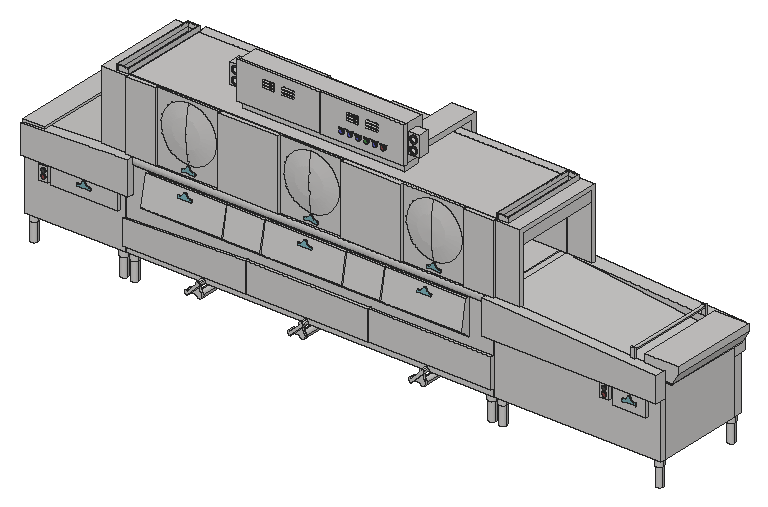
Revit family (continued)
Forms (in)
  Extrusion 135, solid, material "QF_Finishes_Stainless Steel"
    sketch origin (23.48619, -20.25, 0) x (1, 0, 0) y (0, 0, 1)
      loop
        circle (21.23519, 7) r 1
      loop
        circle (21.23519, 7) r 1.125
    from 0 to 21.5
  Extrusion 136, solid, material "QF_Finishes_Stainless Steel"
    sketch origin (7.21533, -42, -3.41935) x (0.707107, 0, 0.707107) y (-0.707107, 0, 0.707107)
      loop
        arc (6.61019, 7) -> (7.73519, 5.875) -> (8.86019, 7) r 1.125
        arc (8.86019, 7) -> (9.29112, 8.22931) -> (10.48519, 8.75) r 1.62946
        line (10.48519, 8.75) -> (4.98519, 8.75)
        arc (4.98519, 8.75) -> (6.17925, 8.22931) -> (6.61019, 7) r 1.62946
    from -0.25 to 0.25
  Extrusion 137, solid, material "QF_Finishes_Stainless Steel"
    sketch origin (44.20152, -42, -3.41935) x (0.707107, 0, 0.707107) y (-0.707107, 0, 0.707107)
      loop
        line (4.73519, 8.75) -> (10.73519, 8.75)
        arc (10.73519, 8.75) -> (11.08874, 8.89645) -> (11.23519, 9.25) r 0.5
        line (11.23519, 9.25) -> (11.23519, 9.75)
        arc (11.23519, 9.75) -> (11.08874, 10.10355) -> (10.73519, 10.25) r 0.5
        line (10.73519, 10.25) -> (10.23519, 10.25)
        arc (10.23519, 10.25) -> (10.05841, 10.17678) -> (9.98519, 10) r 0.25
        line (9.98519, 10) -> (9.98519, 9.75) -> (5.48519, 9.75) -> (5.48519, 10)
        arc (5.48519, 10) -> (5.41196, 10.17678) -> (5.23519, 10.25) r 0.25
        line (5.23519, 10.25) -> (4.73519, 10.25)
        arc (4.73519, 10.25) -> (4.38163, 10.10355) -> (4.23519, 9.75) r 0.5
        line (4.23519, 9.75) -> (4.23519, 9.25)
        arc (4.23519, 9.25) -> (4.38163, 8.89645) -> (4.73519, 8.75) r 0.5
    from -1 to 1
  Extrusion 138, solid, material "QF_Finishes_Stainless Steel"
    sketch origin (44.20152, -42, -3.41935) x (0.707107, 0, 0.707107) y (-0.707107, 0, 0.707107)
      loop
        arc (6.61019, 7) -> (7.73519, 5.875) -> (8.86019, 7) r 1.125
        arc (8.86019, 7) -> (9.29112, 8.22931) -> (10.48519, 8.75) r 1.62946
        line (10.48519, 8.75) -> (4.98519, 8.75)
        arc (4.98519, 8.75) -> (6.17925, 8.22931) -> (6.61019, 7) r 1.62946
    from -0.25 to 0.25
  Extrusion 139, solid, material "QF_Finishes_Stainless Steel"
    sketch origin (73.25, -20.25, 0) x (1, 0, 0) y (0, 0, 1)
      loop
        circle (14.73519, 7) r 1
      loop
        circle (14.73519, 7) r 1.125
    from 0 to 21.5
  Extrusion 140, solid, material "QF_Finishes_Stainless Steel"
    sketch origin (87.46533, -42, -3.41935) x (0.707107, 0, 0.707107) y (-0.707107, 0, 0.707107)
      loop
        line (4.73519, 8.75) -> (10.73519, 8.75)
        arc (10.73519, 8.75) -> (11.08874, 8.89645) -> (11.23519, 9.25) r 0.5
        line (11.23519, 9.25) -> (11.23519, 9.75)
        arc (11.23519, 9.75) -> (11.08874, 10.10355) -> (10.73519, 10.25) r 0.5
        line (10.73519, 10.25) -> (10.23519, 10.25)
        arc (10.23519, 10.25) -> (10.05841, 10.17678) -> (9.98519, 10) r 0.25
        line (9.98519, 10) -> (9.98519, 9.75) -> (5.48519, 9.75) -> (5.48519, 10)
        arc (5.48519, 10) -> (5.41196, 10.17678) -> (5.23519, 10.25) r 0.25
        line (5.23519, 10.25) -> (4.73519, 10.25)
        arc (4.73519, 10.25) -> (4.38163, 10.10355) -> (4.23519, 9.75) r 0.5
        line (4.23519, 9.75) -> (4.23519, 9.25)
        arc (4.23519, 9.25) -> (4.38163, 8.89645) -> (4.73519, 8.75) r 0.5
    from -1 to 1
  Extrusion 141, solid, material "QF_Finishes_Stainless Steel"
    sketch origin (87.46533, -42, -3.41935) x (0.707107, 0, 0.707107) y (-0.707107, 0, 0.707107)
      loop
        arc (6.61019, 7) -> (7.73519, 5.875) -> (8.86019, 7) r 1.125
        arc (8.86019, 7) -> (9.29112, 8.22931) -> (10.48519, 8.75) r 1.62946
        line (10.48519, 8.75) -> (4.98519, 8.75)
        arc (4.98519, 8.75) -> (6.17925, 8.22931) -> (6.61019, 7) r 1.62946
    from -0.25 to 0.25
  Extrusion 142, solid, material "QF_Finishes_Stainless Steel"
    sketch origin (7.21533, -42, -3.41935) x (0.707107, 0, 0.707107) y (-0.707107, 0, 0.707107)
      loop
        line (4.73519, 8.75) -> (10.73519, 8.75)
        arc (10.73519, 8.75) -> (11.08874, 8.89645) -> (11.23519, 9.25) r 0.5
        line (11.23519, 9.25) -> (11.23519, 9.75)
        arc (11.23519, 9.75) -> (11.08874, 10.10355) -> (10.73519, 10.25) r 0.5
        line (10.73519, 10.25) -> (10.23519, 10.25)
        arc (10.23519, 10.25) -> (10.05841, 10.17678) -> (9.98519, 10) r 0.25
        line (9.98519, 10) -> (9.98519, 9.75) -> (5.48519, 9.75) -> (5.48519, 10)
        arc (5.48519, 10) -> (5.41196, 10.17678) -> (5.23519, 10.25) r 0.25
        line (5.23519, 10.25) -> (4.73519, 10.25)
        arc (4.73519, 10.25) -> (4.38163, 10.10355) -> (4.23519, 9.75) r 0.5
        line (4.23519, 9.75) -> (4.23519, 9.25)
        arc (4.23519, 9.25) -> (4.38163, 8.89645) -> (4.73519, 8.75) r 0.5
    from -1 to 1
  Extrusion 143, solid, material "QF_Finishes_Black", not visible
    sketch origin (0, -32.25, 0) x (1, 0, 0) y (0, 0, 1)
      loop
        circle (6.84638, 76.75) r 1.25
      loop
        circle (6.84638, 76.75) r 1
    from 0 to 0.25
  Extrusion 144, solid, material "QF_Finishes_White", not visible
    sketch origin (0, -32.25, 0) x (1, 0, 0) y (0, 0, 1)
      loop
        circle (6.84638, 76.75) r 1
    from 0 to 0.0625
  Extrusion 145, solid, material "QF_Finishes_Black", not visible
    sketch origin (33.66291, -34, -18.39967) x (1, 0, 0) y (0, 0, 1)
      loop
        line (19.62096, 91.02467) -> (17.62096, 91.02467) -> (17.62096, 90.77467) -> (19.62096, 90.77467) -> (19.62096, 91.02467)
      loop
        line (16.62096, 91.02467) -> (14.62096, 91.02467) -> (14.62096, 90.77467) -> (16.62096, 90.77467) -> (16.62096, 91.02467)
      loop
        line (20.62096, 91.02467) -> (20.62096, 90.77467) -> (22.62096, 90.77467) -> (22.62096, 91.02467) -> (20.62096, 91.02467)
      loop
        line (23.62096, 91.02467) -> (23.62096, 90.77467) -> (25.62096, 90.77467) -> (25.62096, 91.02467) -> (23.62096, 91.02467)
      loop
        line (13.62096, 91.02467) -> (11.62096, 91.02467) -> (11.62096, 90.77467) -> (13.62096, 90.77467) -> (13.62096, 91.02467)
      loop
        line (26.62096, 91.02467) -> (26.62096, 90.77467) -> (28.62096, 90.77467) -> (28.62096, 91.02467) -> (26.62096, 91.02467)
    from 0 to 0.25
  Extrusion 146, solid, material "QF_Finishes_Navy Blue", not visible
    sketch origin (34.03783, -34, -18.39967) x (1, 0, 0) y (0, 0, 1)
      loop
        circle (15.24605, 89.89967) r 0.625
    from 0.125 to 0.375
  Extrusion 147, solid, material "QF_Finishes_Navy Blue", not visible
    sketch origin (34.03783, -34, -18.39967) x (1, 0, 0) y (0, 0, 1)
      loop
        circle (18.24605, 89.89967) r 0.625
    from 0.125 to 0.375
  Extrusion 148, solid, material "QF_Finishes_LED Green", not visible
    sketch origin (34.03783, -34, -18.39967) x (1, 0, 0) y (0, 0, 1)
      loop
        circle (21.24605, 89.89967) r 0.625
    from 0.125 to 0.375
  Extrusion 149, solid, material "QF_Finishes_Navy Blue", not visible
    sketch origin (34.03783, -34, -18.39967) x (1, 0, 0) y (0, 0, 1)
      loop
        circle (24.24605, 89.89967) r 0.625
    from 0.125 to 0.375
  Extrusion 150, solid, material "QF_Finishes_Black", not visible
    sketch origin (34.03783, -34, -18.39967) x (1, 0, 0) y (0, 0, 1)
      loop
        line (15.99605, 89.89967) -> (15.99605, 90.77467) -> (14.49605, 90.77467) -> (14.49605, 89.89967)
        arc (14.49605, 89.89967) -> (15.24605, 89.14967) -> (15.99605, 89.89967) r 0.75
      loop
        line (18.99605, 89.89967) -> (18.99605, 90.77467) -> (17.49605, 90.77467) -> (17.49605, 89.89967)
        arc (17.49605, 89.89967) -> (18.24605, 89.14967) -> (18.99605, 89.89967) r 0.75
      loop
        line (21.99605, 89.89967) -> (21.99605, 90.77467) -> (20.49605, 90.77467) -> (20.49605, 89.89967)
        arc (20.49605, 89.89967) -> (21.24605, 89.14967) -> (21.99605, 89.89967) r 0.75
      loop
        line (24.99605, 89.89967) -> (24.99605, 90.77467) -> (23.49605, 90.77467) -> (23.49605, 89.89967)
        arc (23.49605, 89.89967) -> (24.24605, 89.14967) -> (24.99605, 89.89967) r 0.75
      loop
        line (12.99605, 89.89967) -> (12.99605, 90.77467) -> (11.49605, 90.77467) -> (11.49605, 89.89967)
        arc (11.49605, 89.89967) -> (12.24605, 89.14967) -> (12.99605, 89.89967) r 0.75
      loop
        line (27.99605, 89.89967) -> (27.99605, 90.77467) -> (26.49605, 90.77467) -> (26.49605, 89.89967)
        arc (26.49605, 89.89967) -> (27.24605, 89.14967) -> (27.99605, 89.89967) r 0.75
    from 0 to 0.125
  Extrusion 151, solid, material "QF_Finishes_Black", not visible
    sketch origin (0, -32.25, -3.5) x (1, 0, 0) y (0, 0, 1)
      loop
        circle (6.84638, 76.75) r 1.25
      loop
        circle (6.84638, 76.75) r 1
    from 0 to 0.25
  Extrusion 152, solid, material "QF_Finishes_White", not visible
    sketch origin (0, -32.25, -3.5) x (1, 0, 0) y (0, 0, 1)
      loop
        circle (6.84638, 76.75) r 1
    from 0 to 0.0625
  Extrusion 153, solid, material "QF_Finishes_Black", not visible
    sketch origin (63.875, -32.25, 0) x (1, 0, 0) y (0, 0, 1)
      loop
        circle (6.84638, 76.75) r 1.25
      loop
        circle (6.84638, 76.75) r 1
    from 0 to 0.25
  Extrusion 154, solid, material "QF_Finishes_White", not visible
    sketch origin (63.875, -32.25, 0) x (1, 0, 0) y (0, 0, 1)
      loop
        circle (6.84638, 76.75) r 1
    from 0 to 0.0625
  Extrusion 155, solid, material "QF_Finishes_Black", not visible
    sketch origin (63.875, -32.25, -3.5) x (1, 0, 0) y (0, 0, 1)
      loop
        circle (6.84638, 76.75) r 1.25
      loop
        circle (6.84638, 76.75) r 1
    from 0 to 0.25
  Extrusion 156, solid, material "QF_Finishes_White", not visible
    sketch origin (63.875, -32.25, -3.5) x (1, 0, 0) y (0, 0, 1)
      loop
        circle (6.84638, 76.75) r 1
    from 0 to 0.0625
  Extrusion 157, solid, material "QF_Finishes_Navy Blue", not visible
    sketch origin (31.03783, -34, -18.39967) x (1, 0, 0) y (0, 0, 1)
      loop
        circle (15.24605, 89.89967) r 0.625
    from 0.125 to 0.375
  Extrusion 158, solid, material "QF_Finishes_LED Red", not visible
    sketch origin (46.03783, -34, -18.39967) x (1, 0, 0) y (0, 0, 1)
      loop
        circle (15.24605, 89.89967) r 0.625
    from 0.125 to 0.375
  Extrusion 159, solid, material "QF_Finishes_Stainless Steel", not visible
    sketch origin (0, -73.14175, 10.44389) x (1, 0, 0) y (0, 0.5, 0.866025)
      loop
        line (48.28388, 77.875) -> (52.28388, 77.875)
        arc (52.28388, 77.875) -> (52.10082, 78.31694) -> (51.65888, 78.5) r 0.625
        line (51.65888, 78.5) -> (48.90888, 78.5)
        arc (48.90888, 78.5) -> (48.46693, 78.31694) -> (48.28388, 77.875) r 0.625
    from 0 to 0.125
  Extrusion 160, solid, material "QF_Finishes_Stainless Steel", not visible
    sketch origin (0, -73.14175, 9.44389) x (1, 0, 0) y (0, 0.5, 0.866025)
      loop
        line (48.28388, 77.875) -> (52.28388, 77.875)
        arc (52.28388, 77.875) -> (52.10082, 78.31694) -> (51.65888, 78.5) r 0.625
        line (51.65888, 78.5) -> (48.90888, 78.5)
        arc (48.90888, 78.5) -> (48.46693, 78.31694) -> (48.28388, 77.875) r 0.625
    from 0 to 0.125
  Extrusion 161, solid, material "QF_Finishes_Stainless Steel", not visible
    sketch origin (0, -73.14175, 8.44389) x (1, 0, 0) y (0, 0.5, 0.866025)
      loop
        line (48.28388, 77.875) -> (52.28388, 77.875)
        arc (52.28388, 77.875) -> (52.10082, 78.31694) -> (51.65888, 78.5) r 0.625
        line (51.65888, 78.5) -> (48.90888, 78.5)
        arc (48.90888, 78.5) -> (48.46693, 78.31694) -> (48.28388, 77.875) r 0.625
    from 0 to 0.125
  Extrusion 162, solid, material "QF_Finishes_Stainless Steel", not visible
    sketch origin (107.56775, -73.14175, 10.44389) x (-1, 0, 0) y (0, -0.5, -0.866025)
      loop
        arc (48.28388, -77.875) -> (48.46693, -78.31694) -> (48.90888, -78.5) r 0.625
        line (48.90888, -78.5) -> (51.65888, -78.5)
        arc (51.65888, -78.5) -> (52.10082, -78.31694) -> (52.28388, -77.875) r 0.625
        line (52.28388, -77.875) -> (48.28388, -77.875)
    from 0 to 0.125
  Extrusion 163, solid, material "QF_Finishes_Stainless Steel", not visible
    sketch origin (107.56775, -73.14175, 9.44389) x (-1, 0, 0) y (0, -0.5, -0.866025)
      loop
        arc (48.28388, -77.875) -> (48.46693, -78.31694) -> (48.90888, -78.5) r 0.625
        line (48.90888, -78.5) -> (51.65888, -78.5)
        arc (51.65888, -78.5) -> (52.10082, -78.31694) -> (52.28388, -77.875) r 0.625
        line (52.28388, -77.875) -> (48.28388, -77.875)
    from 0 to 0.125
  Extrusion 164, solid, material "QF_Finishes_Stainless Steel", not visible
    sketch origin (107.56775, -73.14175, 8.44389) x (-1, 0, 0) y (0, -0.5, -0.866025)
      loop
        arc (48.28388, -77.875) -> (48.46693, -78.31694) -> (48.90888, -78.5) r 0.625
        line (48.90888, -78.5) -> (51.65888, -78.5)
        arc (51.65888, -78.5) -> (52.10082, -78.31694) -> (52.28388, -77.875) r 0.625
        line (52.28388, -77.875) -> (48.28388, -77.875)
    from 0 to 0.125
  Extrusion 165, solid, material "QF_Finishes_Stainless Steel", not visible
    sketch origin (-30.125, -73.14175, 10.44389) x (1, 0, 0) y (0, 0.5, 0.866025)
      loop
        line (48.28388, 77.875) -> (52.28388, 77.875)
        arc (52.28388, 77.875) -> (52.10082, 78.31694) -> (51.65888, 78.5) r 0.625
        line (51.65888, 78.5) -> (48.90888, 78.5)
        arc (48.90888, 78.5) -> (48.46693, 78.31694) -> (48.28388, 77.875) r 0.625
    from 0 to 0.125
  Extrusion 166, solid, material "QF_Finishes_Stainless Steel", not visible
    sketch origin (-30.125, -73.14175, 9.44389) x (1, 0, 0) y (0, 0.5, 0.866025)
      loop
        line (48.28388, 77.875) -> (52.28388, 77.875)
        arc (52.28388, 77.875) -> (52.10082, 78.31694) -> (51.65888, 78.5) r 0.625
        line (51.65888, 78.5) -> (48.90888, 78.5)
        arc (48.90888, 78.5) -> (48.46693, 78.31694) -> (48.28388, 77.875) r 0.625
    from 0 to 0.125
  Extrusion 167, solid, material "QF_Finishes_Stainless Steel", not visible
    sketch origin (-30.125, -73.14175, 8.44389) x (1, 0, 0) y (0, 0.5, 0.866025)
      loop
        line (48.28388, 77.875) -> (52.28388, 77.875)
        arc (52.28388, 77.875) -> (52.10082, 78.31694) -> (51.65888, 78.5) r 0.625
        line (51.65888, 78.5) -> (48.90888, 78.5)
        arc (48.90888, 78.5) -> (48.46693, 78.31694) -> (48.28388, 77.875) r 0.625
    from 0 to 0.125
  Extrusion 168, solid, material "QF_Finishes_Stainless Steel", not visible
    sketch origin (77.44275, -73.14175, 10.44389) x (-1, 0, 0) y (0, -0.5, -0.866025)
      loop
        arc (48.28388, -77.875) -> (48.46693, -78.31694) -> (48.90888, -78.5) r 0.625
        line (48.90888, -78.5) -> (51.65888, -78.5)
        arc (51.65888, -78.5) -> (52.10082, -78.31694) -> (52.28388, -77.875) r 0.625
        line (52.28388, -77.875) -> (48.28388, -77.875)
    from 0 to 0.125
  Extrusion 169, solid, material "QF_Finishes_Stainless Steel", not visible
    sketch origin (77.44275, -73.14175, 9.44389) x (-1, 0, 0) y (0, -0.5, -0.866025)
      loop
        arc (48.28388, -77.875) -> (48.46693, -78.31694) -> (48.90888, -78.5) r 0.625
        line (48.90888, -78.5) -> (51.65888, -78.5)
        arc (51.65888, -78.5) -> (52.10082, -78.31694) -> (52.28388, -77.875) r 0.625
        line (52.28388, -77.875) -> (48.28388, -77.875)
    from 0 to 0.125
  Extrusion 170, solid, material "QF_Finishes_Stainless Steel", not visible
    sketch origin (77.44275, -73.14175, 8.44389) x (-1, 0, 0) y (0, -0.5, -0.866025)
      loop
        arc (48.28388, -77.875) -> (48.46693, -78.31694) -> (48.90888, -78.5) r 0.625
        line (48.90888, -78.5) -> (51.65888, -78.5)
        arc (51.65888, -78.5) -> (52.10082, -78.31694) -> (52.28388, -77.875) r 0.625
        line (52.28388, -77.875) -> (48.28388, -77.875)
    from 0 to 0.125
  Extrusion 171, solid, material "QF_Finishes_Stainless Steel", not visible
    sketch origin (0, -20.25, 0) x (1, 0, 0) y (0, 0, 1)
      loop
        circle (7.73519, 7) r 1
      loop
        circle (7.73519, 7) r 1.125
    from 0 to 21.5
  Extrusion 172, solid, material "QF_Finishes_Stainless Steel", not visible
    sketch origin (23.48619, -20.25, 0) x (1, 0, 0) y (0, 0, 1)
      loop
        circle (21.23519, 7) r 1
      loop
        circle (21.23519, 7) r 1.125
    from 0 to 21.5
  Extrusion 173, solid, material "QF_Finishes_Stainless Steel", not visible
    sketch origin (7.21533, -42, -3.41935) x (0.707107, 0, 0.707107) y (-0.707107, 0, 0.707107)
      loop
        arc (6.61019, 7) -> (7.73519, 5.875) -> (8.86019, 7) r 1.125
        arc (8.86019, 7) -> (9.29112, 8.22931) -> (10.48519, 8.75) r 1.62946
        line (10.48519, 8.75) -> (4.98519, 8.75)
        arc (4.98519, 8.75) -> (6.17925, 8.22931) -> (6.61019, 7) r 1.62946
    from -0.25 to 0.25
  Extrusion 174, solid, material "QF_Finishes_Stainless Steel", not visible
    sketch origin (44.20152, -42, -3.41935) x (0.707107, 0, 0.707107) y (-0.707107, 0, 0.707107)
      loop
        line (4.73519, 8.75) -> (10.73519, 8.75)
        arc (10.73519, 8.75) -> (11.08874, 8.89645) -> (11.23519, 9.25) r 0.5
        line (11.23519, 9.25) -> (11.23519, 9.75)
        arc (11.23519, 9.75) -> (11.08874, 10.10355) -> (10.73519, 10.25) r 0.5
        line (10.73519, 10.25) -> (10.23519, 10.25)
        arc (10.23519, 10.25) -> (10.05841, 10.17678) -> (9.98519, 10) r 0.25
        line (9.98519, 10) -> (9.98519, 9.75) -> (5.48519, 9.75) -> (5.48519, 10)
        arc (5.48519, 10) -> (5.41196, 10.17678) -> (5.23519, 10.25) r 0.25
        line (5.23519, 10.25) -> (4.73519, 10.25)
        arc (4.73519, 10.25) -> (4.38163, 10.10355) -> (4.23519, 9.75) r 0.5
        line (4.23519, 9.75) -> (4.23519, 9.25)
        arc (4.23519, 9.25) -> (4.38163, 8.89645) -> (4.73519, 8.75) r 0.5
    from -1 to 1
  Extrusion 175, solid, material "QF_Finishes_Stainless Steel", not visible
    sketch origin (44.20152, -42, -3.41935) x (0.707107, 0, 0.707107) y (-0.707107, 0, 0.707107)
      loop
        arc (6.61019, 7) -> (7.73519, 5.875) -> (8.86019, 7) r 1.125
        arc (8.86019, 7) -> (9.29112, 8.22931) -> (10.48519, 8.75) r 1.62946
        line (10.48519, 8.75) -> (4.98519, 8.75)
        arc (4.98519, 8.75) -> (6.17925, 8.22931) -> (6.61019, 7) r 1.62946
    from -0.25 to 0.25
  Extrusion 176, solid, material "QF_Finishes_Stainless Steel", not visible
    sketch origin (73.25, -20.25, 0) x (1, 0, 0) y (0, 0, 1)
      loop
        circle (14.73519, 7) r 1
      loop
        circle (14.73519, 7) r 1.125
    from 0 to 21.5
  Extrusion 177, solid, material "QF_Finishes_Stainless Steel", not visible
    sketch origin (87.46533, -42, -3.41935) x (0.707107, 0, 0.707107) y (-0.707107, 0, 0.707107)
      loop
        line (4.73519, 8.75) -> (10.73519, 8.75)
        arc (10.73519, 8.75) -> (11.08874, 8.89645) -> (11.23519, 9.25) r 0.5
        line (11.23519, 9.25) -> (11.23519, 9.75)
        arc (11.23519, 9.75) -> (11.08874, 10.10355) -> (10.73519, 10.25) r 0.5
        line (10.73519, 10.25) -> (10.23519, 10.25)
        arc (10.23519, 10.25) -> (10.05841, 10.17678) -> (9.98519, 10) r 0.25
        line (9.98519, 10) -> (9.98519, 9.75) -> (5.48519, 9.75) -> (5.48519, 10)
        arc (5.48519, 10) -> (5.41196, 10.17678) -> (5.23519, 10.25) r 0.25
        line (5.23519, 10.25) -> (4.73519, 10.25)
        arc (4.73519, 10.25) -> (4.38163, 10.10355) -> (4.23519, 9.75) r 0.5
        line (4.23519, 9.75) -> (4.23519, 9.25)
        arc (4.23519, 9.25) -> (4.38163, 8.89645) -> (4.73519, 8.75) r 0.5
    from -1 to 1
  Extrusion 178, solid, material "QF_Finishes_Stainless Steel", not visible
    sketch origin (87.46533, -42, -3.41935) x (0.707107, 0, 0.707107) y (-0.707107, 0, 0.707107)
      loop
        arc (6.61019, 7) -> (7.73519, 5.875) -> (8.86019, 7) r 1.125
        arc (8.86019, 7) -> (9.29112, 8.22931) -> (10.48519, 8.75) r 1.62946
        line (10.48519, 8.75) -> (4.98519, 8.75)
        arc (4.98519, 8.75) -> (6.17925, 8.22931) -> (6.61019, 7) r 1.62946
    from -0.25 to 0.25
  Extrusion 179, solid, material "QF_Finishes_Stainless Steel", not visible
    sketch origin (7.21533, -42, -3.41935) x (0.707107, 0, 0.707107) y (-0.707107, 0, 0.707107)
      loop
        line (4.73519, 8.75) -> (10.73519, 8.75)
        arc (10.73519, 8.75) -> (11.08874, 8.89645) -> (11.23519, 9.25) r 0.5
        line (11.23519, 9.25) -> (11.23519, 9.75)
        arc (11.23519, 9.75) -> (11.08874, 10.10355) -> (10.73519, 10.25) r 0.5
        line (10.73519, 10.25) -> (10.23519, 10.25)
        arc (10.23519, 10.25) -> (10.05841, 10.17678) -> (9.98519, 10) r 0.25
        line (9.98519, 10) -> (9.98519, 9.75) -> (5.48519, 9.75) -> (5.48519, 10)
        arc (5.48519, 10) -> (5.41196, 10.17678) -> (5.23519, 10.25) r 0.25
        line (5.23519, 10.25) -> (4.73519, 10.25)
        arc (4.73519, 10.25) -> (4.38163, 10.10355) -> (4.23519, 9.75) r 0.5
        line (4.23519, 9.75) -> (4.23519, 9.25)
        arc (4.23519, 9.25) -> (4.38163, 8.89645) -> (4.73519, 8.75) r 0.5
    from -1 to 1
  Extrusion 180, solid, material "QF_Finishes_Stainless Steel", visible <- "Swing Doors"
    sketch origin (0, 0, 65.5) x (0, 1, 0) y (-1, 0, 0)
      loop
        line (-38.25, -33.72138) -> (-39, -33.72138) -> (-39, -44.65888) -> (-38.25, -44.65888) -> (-38.25, -33.72138)
    from 0 to -24.875
  Extrusion 181, solid, material "QF_Finishes_Stainless Steel", visible <- "Swing Doors"
    sketch origin (0, 0, 65.5) x (0, 1, 0) y (-1, 0, 0)
      loop
        line (-38.25, -44.78388) -> (-39, -44.78388) -> (-39, -55.72138) -> (-38.25, -55.72138) -> (-38.25, -44.78388)
    from 0 to -24.875
  Extrusion 182, solid, material "QF_Finishes_Stainless Steel", visible <- "Swing Doors"
    sketch origin (0, 0, 65.5) x (0, 1, 0) y (-1, 0, 0)
      loop
        line (-38.25, -77.72138) -> (-39, -77.72138) -> (-39, -88.65888) -> (-38.25, -88.65888) -> (-38.25, -77.72138)
    from 0 to -24.875
  Extrusion 183, solid, material "QF_Finishes_Stainless Steel", visible <- "Swing Doors"
    sketch origin (0, 0, 65.5) x (0, 1, 0) y (-1, 0, 0)
      loop
        line (-38.25, -88.78388) -> (-39, -88.78388) -> (-39, -99.72138) -> (-38.25, -99.72138) -> (-38.25, -88.78388)
    from 0 to -24.875
  Extrusion 184, solid, material "QF_Finishes_Stainless Steel", visible <- "Swing Doors"
    sketch origin (1.64366, 34, 62.4375) x (0, 1, 0) y (-1, 0, 0)
      loop
        circle (-73.25, -31.82772) r 0.25
    from 0 to -3
  Extrusion 185, solid, material "QF_Finishes_Stainless Steel", visible <- "Swing Doors"
    sketch origin (1.64366, 34, 45.8125) x (0, 1, 0) y (-1, 0, 0)
      loop
        circle (-73.25, -31.82772) r 0.25
    from 0 to -3
  Sweep 186, solid, material "QF_Finishes_Stainless Steel", visible <- "Swing Doors"
    path origin (43.28388, 53.39484, 58) x (0, 1, 0) y (0, 0, 1)
      loop
        line (-92.39484, -0.9375) -> (-93.01984, -0.9375)
        arc (-93.01984, -0.9375) -> (-93.37339, -1.08395) -> (-93.51984, -1.4375) r 0.5
        line (-93.51984, -1.4375) -> (-93.51984, -9.6875)
        arc (-93.51984, -9.6875) -> (-93.37339, -10.04105) -> (-93.01984, -10.1875) r 0.5
        line (-93.01984, -10.1875) -> (-92.39484, -10.1875)
    profile origin (43.28388, -39.3125, 57.0625) x (0, 0, -1) y (1, 0, 0)
      loop
        circle (0, 0) r 0.375
  Extrusion 187, solid, material "QF_Finishes_Stainless Steel", visible <- "Swing Doors"
    sketch origin (37.64366, 34, 62.4375) x (0, 1, 0) y (-1, 0, 0)
      loop
        circle (-73.25, -18.32772) r 0.25
    from 0 to -3
  Extrusion 188, solid, material "QF_Finishes_Stainless Steel", visible <- "Swing Doors"
    sketch origin (37.64366, 34, 45.8125) x (0, 1, 0) y (-1, 0, 0)
      loop
        circle (-73.25, -18.32772) r 0.25
    from 0 to -3
  Extrusion 189, solid, material "QF_Finishes_Stainless Steel", visible <- "Swing Doors"
    sketch origin (45.64366, 34, 62.4375) x (0, 1, 0) y (-1, 0, 0)
      loop
        circle (-73.25, -31.82772) r 0.25
    from 0 to -3
  Extrusion 190, solid, material "QF_Finishes_Stainless Steel", visible <- "Swing Doors"
    sketch origin (45.64366, 34, 45.8125) x (0, 1, 0) y (-1, 0, 0)
      loop
        circle (-73.25, -31.82772) r 0.25
    from 0 to -3
  Extrusion 191, solid, material "QF_Finishes_Stainless Steel", visible <- "Swing Doors"
    sketch origin (81.64366, 34, 62.4375) x (0, 1, 0) y (-1, 0, 0)
      loop
        circle (-73.25, -18.32772) r 0.25
    from 0 to -3
  Extrusion 192, solid, material "QF_Finishes_Stainless Steel", visible <- "Swing Doors"
    sketch origin (81.64366, 34, 45.8125) x (0, 1, 0) y (-1, 0, 0)
      loop
        circle (-73.25, -18.32772) r 0.25
    from 0 to -3
  Sweep 193, solid, material "QF_Finishes_Stainless Steel", visible <- "Swing Doors"
    path origin (46.15888, 53.39484, 48) x (0, 1, 0) y (0, 0, 1)
      loop
        line (-92.39484, 9.0625) -> (-93.01984, 9.0625)
        arc (-93.01984, 9.0625) -> (-93.37339, 8.91605) -> (-93.51984, 8.5625) r 0.5
        line (-93.51984, 8.5625) -> (-93.51984, 0.3125)
        arc (-93.51984, 0.3125) -> (-93.37339, -0.04105) -> (-93.01984, -0.1875) r 0.5
        line (-93.01984, -0.1875) -> (-92.39484, -0.1875)
    profile origin (46.15888, -39.3125, 57.0625) x (0, 0, -1) y (1, 0, 0)
      loop
        circle (0, 0) r 0.375
  Sweep 194, solid, material "QF_Finishes_Stainless Steel", visible <- "Swing Doors"
    path origin (87.28388, 53.39484, 48) x (0, 1, 0) y (0, 0, 1)
      loop
        line (-92.39484, 9.0625) -> (-93.01984, 9.0625)
        arc (-93.01984, 9.0625) -> (-93.37339, 8.91605) -> (-93.51984, 8.5625) r 0.5
        line (-93.51984, 8.5625) -> (-93.51984, 0.3125)
        arc (-93.51984, 0.3125) -> (-93.37339, -0.04105) -> (-93.01984, -0.1875) r 0.5
        line (-93.01984, -0.1875) -> (-92.39484, -0.1875)
    profile origin (87.28388, -39.3125, 57.0625) x (0, 0, -1) y (1, 0, 0)
      loop
        circle (0, 0) r 0.375
  Sweep 195, solid, material "QF_Finishes_Stainless Steel", visible <- "Swing Doors"
    path origin (90.15888, 53.39484, 48) x (0, 1, 0) y (0, 0, 1)
      loop
        line (-92.39484, 9.0625) -> (-93.01984, 9.0625)
        arc (-93.01984, 9.0625) -> (-93.37339, 8.91605) -> (-93.51984, 8.5625) r 0.5
        line (-93.51984, 8.5625) -> (-93.51984, 0.3125)
        arc (-93.51984, 0.3125) -> (-93.37339, -0.04105) -> (-93.01984, -0.1875) r 0.5
        line (-93.01984, -0.1875) -> (-92.39484, -0.1875)
    profile origin (90.15888, -39.3125, 57.0625) x (0, 0, -1) y (1, 0, 0)
      loop
        circle (0, 0) r 0.375
  Extrusion 196, solid, material "QF_Finishes_Clearances", visible <- "Standard Doors", detail levels coarse
    sketch origin (0, 0, 65.5) x (0, 1, 0) y (-1, 0, 0)
      loop
        line (-38.25, -33.47138) -> (-39, -33.47138) -> (-39, -55.97138) -> (-38.25, -55.97138) -> (-38.25, -33.47138)
    from 0 to 28
  Extrusion 197, solid, material "QF_Finishes_Clearances", visible <- "Standard Doors", detail levels coarse
    sketch origin (44, 0, 65.5) x (0, 1, 0) y (-1, 0, 0)
      loop
        line (-38.25, -33.47138) -> (-39, -33.47138) -> (-39, -55.97138) -> (-38.25, -55.97138) -> (-38.25, -33.47138)
    from 0 to 28
  Sweep 198, solid, material "QF_Finishes_Stainless Steel"
    path origin (134.72138, 20.50153, 48) x (0, 1, 0) y (0, 0, 1)
      loop
        line (-37.25153, -39) -> (-37.25153, -40.5)
        arc (-37.25153, -40.5) -> (-36.81219, -41.56066) -> (-35.75153, -42) r 1.5
        line (-35.75153, -42) -> (-29.00153, -42)
    profile origin (134.72138, -16.75, 8.25) x (1, 0, 0) y (0, 1, 0)
      loop
        circle (0, 0) r 1
      loop
        circle (0, 0) r 1.125
  Extrusion 199, solid, material "QF_Finishes_Stainless Steel"
    sketch origin (74.47138, 0, 0) x (0, 1, 0) y (0, 0, 1)
      loop
        line (-26, 68.5) -> (-1.75, 68.5) -> (-1.75, 18.25) -> (-3, 18.25) -> (-3, 16.5) -> (0, 16.5) -> (0, 70.25) -> (-26, 70.25) -> (-26, 68.5)
    from -1.25 to -9.75
  Extrusion 200, solid, material "QF_Finishes_Stainless Steel"
    sketch origin (-44, 0, 65.5) x (0, 1, 0) y (-1, 0, 0)
      loop
        line (-37.25, -33.47138) -> (-38.25, -33.47138) -> (-38.25, -55.97138) -> (-37.25, -55.97138) -> (-37.25, -33.47138)
    from 0 to -24.875
  Revolve 201, solid, material "QF_Finishes_Stainless Steel", visible <- "Standard Doors"
    sketch origin (0.72138, 87.64484, 48) x (0, 1, 0) y (0, 0, 1)
      loop
        line (-125.89484, 6.49826) -> (-125.89484, 16.49826)
        arc (-125.89484, 16.49826) -> (-126.65727, 11.52451) -> (-126.89484, 6.49826) r 48
        line (-126.89484, 6.49826) -> (-125.89484, 6.49826)
      axis (-125.89484, 6.49826) -> (-126.89484, 6.49826)
    angle from 0 to 360
  Extrusion 202, solid, material "QF_Finishes_Light Blue", visible <- "Standard Doors"
    sketch origin (-39.60634, -38.75, 10.99826) x (-1, 0, 0) y (0, 0, 1)
      loop
        line (-39.71645, 30.65632) -> (-38.08461, 30.57309)
        arc (-38.08461, 30.57309) -> (-37.90443, 30.64773) -> (-37.82979, 30.82792) r 0.25483
        line (-37.82979, 30.82792) -> (-37.82979, 31.31285)
        arc (-37.82979, 31.31285) -> (-37.90343, 31.49062) -> (-38.08121, 31.56426) r 0.25142
        arc (-38.08121, 31.56426) -> (-39.22593, 31.7803) -> (-39.90311, 32.72819) r 1.56264
        arc (-39.90311, 32.72819) -> (-40.31726, 33.06213) -> (-40.74741, 32.74907) r 0.43733
        arc (-40.74741, 32.74907) -> (-41.42049, 31.78611) -> (-42.57423, 31.56426) r 1.56264
        arc (-42.57423, 31.56426) -> (-42.75201, 31.49062) -> (-42.82565, 31.31285) r 0.25142
        line (-42.82565, 31.31285) -> (-42.82565, 30.82792)
        arc (-42.82565, 30.82792) -> (-42.75101, 30.64773) -> (-42.57082, 30.57309) r 0.25483
        line (-42.57082, 30.57309) -> (-40.93898, 30.65632)
        arc (-40.93898, 30.65632) -> (-40.32772, 30.6719) -> (-39.71645, 30.65632) r 12
    from 0.5 to 0.4375
  Extrusion 203, solid, material "QF_Finishes_Stainless Steel", visible <- "Swing Doors"
    sketch origin (-44, 0, 65.5) x (0, 1, 0) y (-1, 0, 0)
      loop
        line (-38.25, -33.72138) -> (-39, -33.72138) -> (-39, -44.65888) -> (-38.25, -44.65888) -> (-38.25, -33.72138)
    from 0 to -24.875
  Extrusion 204, solid, material "QF_Finishes_Stainless Steel", visible <- "Swing Doors"
    sketch origin (-44, 0, 65.5) x (0, 1, 0) y (-1, 0, 0)
      loop
        line (-38.25, -44.78388) -> (-39, -44.78388) -> (-39, -55.72138) -> (-38.25, -55.72138) -> (-38.25, -44.78388)
    from 0 to -24.875
  Extrusion 205, solid, material "QF_Finishes_Stainless Steel", visible <- "Swing Doors"
    sketch origin (-42.35634, 34, 62.4375) x (0, 1, 0) y (-1, 0, 0)
      loop
        circle (-73.25, -31.82772) r 0.25
    from 0 to -3
  Extrusion 206, solid, material "QF_Finishes_Stainless Steel", visible <- "Swing Doors"
    sketch origin (-42.35634, 34, 45.8125) x (0, 1, 0) y (-1, 0, 0)
      loop
        circle (-73.25, -31.82772) r 0.25
    from 0 to -3
  Sweep 207, solid, material "QF_Finishes_Stainless Steel", visible <- "Swing Doors"
    path origin (-0.71612, 53.39484, 58) x (0, 1, 0) y (0, 0, 1)
      loop
        line (-92.39484, -0.9375) -> (-93.01984, -0.9375)
        arc (-93.01984, -0.9375) -> (-93.37339, -1.08395) -> (-93.51984, -1.4375) r 0.5
        line (-93.51984, -1.4375) -> (-93.51984, -9.6875)
        arc (-93.51984, -9.6875) -> (-93.37339, -10.04105) -> (-93.01984, -10.1875) r 0.5
        line (-93.01984, -10.1875) -> (-92.39484, -10.1875)
    profile origin (-0.71612, -39.3125, 57.0625) x (0, 0, -1) y (1, 0, 0)
      loop
        circle (0, 0) r 0.375
  Extrusion 208, solid, material "QF_Finishes_Stainless Steel", visible <- "Swing Doors"
    sketch origin (-6.35634, 34, 62.4375) x (0, 1, 0) y (-1, 0, 0)
      loop
        circle (-73.25, -18.32772) r 0.25
    from 0 to -3
  Extrusion 209, solid, material "QF_Finishes_Stainless Steel", visible <- "Swing Doors"
    sketch origin (-6.35634, 34, 45.8125) x (0, 1, 0) y (-1, 0, 0)
      loop
        circle (-73.25, -18.32772) r 0.25
    from 0 to -3
  Sweep 210, solid, material "QF_Finishes_Stainless Steel", visible <- "Swing Doors"
    path origin (2.15888, 53.39484, 48) x (0, 1, 0) y (0, 0, 1)
      loop
        line (-92.39484, 9.0625) -> (-93.01984, 9.0625)
        arc (-93.01984, 9.0625) -> (-93.37339, 8.91605) -> (-93.51984, 8.5625) r 0.5
        line (-93.51984, 8.5625) -> (-93.51984, 0.3125)
        arc (-93.51984, 0.3125) -> (-93.37339, -0.04105) -> (-93.01984, -0.1875) r 0.5
        line (-93.01984, -0.1875) -> (-92.39484, -0.1875)
    profile origin (2.15888, -39.3125, 57.0625) x (0, 0, -1) y (1, 0, 0)
      loop
        circle (0, 0) r 0.375
  Extrusion 211, solid, material "QF_Finishes_Clearances", visible <- "Standard Doors", detail levels coarse
    sketch origin (-44, 0, 65.5) x (0, 1, 0) y (-1, 0, 0)
      loop
        line (-38.25, -33.47138) -> (-39, -33.47138) -> (-39, -55.97138) -> (-38.25, -55.97138) -> (-38.25, -33.47138)
    from 0 to 28
  Extrusion 212, solid, material "QF_Finishes_Light Blue", visible <- "Standard Doors"
    sketch origin (48.39366, -38.75, 10.99826) x (-1, 0, 0) y (0, 0, 1)
      loop
        line (-39.71645, 30.65632) -> (-38.08461, 30.57309)
        arc (-38.08461, 30.57309) -> (-37.90443, 30.64773) -> (-37.82979, 30.82792) r 0.25483
        line (-37.82979, 30.82792) -> (-37.82979, 31.31285)
        arc (-37.82979, 31.31285) -> (-37.90343, 31.49062) -> (-38.08121, 31.56426) r 0.25142
        arc (-38.08121, 31.56426) -> (-39.22593, 31.7803) -> (-39.90311, 32.72819) r 1.56264
        arc (-39.90311, 32.72819) -> (-40.31726, 33.06213) -> (-40.74741, 32.74907) r 0.43733
        arc (-40.74741, 32.74907) -> (-41.42049, 31.78611) -> (-42.57423, 31.56426) r 1.56264
        arc (-42.57423, 31.56426) -> (-42.75201, 31.49062) -> (-42.82565, 31.31285) r 0.25142
        line (-42.82565, 31.31285) -> (-42.82565, 30.82792)
        arc (-42.82565, 30.82792) -> (-42.75101, 30.64773) -> (-42.57082, 30.57309) r 0.25483
        line (-42.57082, 30.57309) -> (-40.93898, 30.65632)
        arc (-40.93898, 30.65632) -> (-40.32772, 30.6719) -> (-39.71645, 30.65632) r 12
    from 0.5 to 0.4375
  Sweep 213, solid, material "QF_Finishes_Stainless Steel"
    path origin (140.72138, 20.50153, 48) x (0, 1, 0) y (0, 0, 1)
      loop
        line (-37.25153, -39) -> (-37.25153, -40.5)
        arc (-37.25153, -40.5) -> (-36.81219, -41.56066) -> (-35.75153, -42) r 1.5
        line (-35.75153, -42) -> (-29.00153, -42)
    profile origin (140.72138, -16.75, 8.25) x (1, 0, 0) y (0, 1, 0)
      loop
        circle (0, 0) r 0.375
      loop
        circle (0, 0) r 0.5
Cuts and joins
  Extrusion 27 cuts Extrusion 24
  Extrusion 27 cuts Extrusion 25
  Extrusion 31 cuts Extrusion 28
  Extrusion 31 cuts Extrusion 29
  Extrusion 133 cuts Extrusion 95
  Extrusion 133 cuts Extrusion 96
Lines and regions (in)
  symbolic lines
    curve 1: line (-57.40362, -1.5, 65.5) -> (-18.77862, -1.5, 65.5)
    curve 2: line (-57.40362, -3, 65.5) -> (64.72138, -3, 65.5)
    curve 3: line (170.72138, -41, 65.5) -> (170.72138, -1.5, 65.5)
    curve 4: line (170.72138, -1.5, 65.5) -> (108.22138, -1.5, 65.5)
    curve 5: line (108.22138, -1.5, 65.5) -> (108.22138, -3, 65.5)
    curve 6: line (-57.40362, -1.5, 65.5) -> (-57.40362, -41, 65.5)
    curve 7: line (-57.40362, -41, 65.5) -> (-18.77862, -41, 65.5)
    curve 8: line (-18.77862, -41, 65.5) -> (-18.77862, -39, 65.5)
    curve 9: line (110.72138, -39, 65.5) -> (-49.40362, -39, 65.5)
    curve 10: line (-57.40362, -39.875, 65.5) -> (-49.40362, -39.875, 65.5)
    curve 11: line (-49.40362, -39.875, 65.5) -> (-49.40362, -3.375, 65.5)
    curve 12: line (-49.40362, -3.375, 65.5) -> (-57.40362, -3.375, 65.5)
    curve 13: line (-49.40362, -6, 65.5) -> (-30.27862, -6, 65.5)
    curve 14: line (-21.27862, -3, 65.5) -> (-21.27862, -39, 65.5)
    curve 15: line (-21.27862, -5, 65.5) -> (-30.27862, -5, 65.5)
    curve 16: line (-30.27862, -5, 65.5) -> (-30.27862, -38.25, 65.5)
    curve 17: line (-30.27862, -38.25, 65.5) -> (-21.27862, -38.25, 65.5)
    curve 18: line (-21.27862, -37.25, 65.5) -> (-25.40362, -37.25, 65.5)
    curve 19: line (-25.40362, -37.25, 65.5) -> (-25.40362, -6, 65.5)
    curve 20: line (-25.40362, -6, 65.5) -> (-21.27862, -6, 65.5)
    curve 21: line (23.22138, -3, 65.5) -> (23.22138, -4, 65.5)
    curve 22: line (23.22138, -4, 65.5) -> (45.72138, -4, 65.5)
    curve 23: line (45.72138, -4, 65.5) -> (45.72138, -3, 65.5)
    curve 24: line (108.22138, -41, 65.5) -> (170.72138, -41, 65.5)
    curve 25: line (170.72138, -37.25, 65.5) -> (119.72138, -37.25, 65.5)
    curve 26: line (119.72138, -37.25, 65.5) -> (119.72138, -38.25, 65.5)
    curve 27: line (119.72138, -38.25, 65.5) -> (110.72138, -38.25, 65.5)
    curve 28: line (110.72138, -39, 65.5) -> (110.72138, -3, 65.5)
    curve 29: line (108.22138, -39, 65.5) -> (108.22138, -41, 65.5)
    curve 30: line (110.72138, -37.25, 65.5) -> (114.84638, -37.25, 65.5)
    curve 31: line (114.84638, -37.25, 65.5) -> (114.84638, -6, 65.5)
    curve 32: line (114.84638, -6, 65.5) -> (110.72138, -6, 65.5)
    curve 33: line (110.72138, -5, 65.5) -> (119.72138, -5, 65.5)
    curve 34: line (119.72138, -5, 65.5) -> (119.72138, -37.25, 65.5)
    curve 35: line (101.72138, -39, 65.5) -> (101.72138, -42, 65.5)
    curve 36: line (101.72138, -42, 65.5) -> (72.72138, -42, 65.5)
    curve 37: line (72.72138, -42, 65.5) -> (72.72138, -39, 65.5)
    curve 38: line (72.47138, -38.93512, 65.5) -> (72.47138, -42, 65.5)
    curve 39: line (72.47138, -42, 65.5) -> (58.97138, -42, 65.5)
    curve 40: line (58.97138, -42, 65.5) -> (58.97138, -39, 65.5)
    curve 41: line (58.72138, -39, 65.5) -> (58.72138, -42, 65.5)
    curve 42: line (58.72138, -42, 65.5) -> (29.72138, -42, 65.5)
    curve 43: line (29.72138, -42, 65.5) -> (29.72138, -39, 65.5)
    curve 44: line (29.47138, -39, 65.5) -> (29.47138, -42, 65.5)
    curve 45: line (29.47138, -42, 65.5) -> (15.97138, -42, 65.5)
    curve 46: line (15.97138, -42, 65.5) -> (15.97138, -39, 65.5)
    curve 47: line (15.72138, -39, 65.5) -> (15.72138, -42, 65.5)
    curve 48: line (15.72138, -42, 65.5) -> (-13.27862, -42, 65.5)
    curve 49: line (-13.27862, -42, 65.5) -> (-13.27862, -39, 65.5)
    curve 56: line (14.72138, -34, 65.5) -> (74.72138, -34, 65.5)
    curve 57: line (74.72138, -34, 65.5) -> (74.72138, -33, 65.5)
    curve 58: line (74.72138, -33, 65.5) -> (14.72138, -33, 65.5)
    curve 59: line (14.72138, -33, 65.5) -> (14.72138, -34, 65.5)
    curve 60: line (14.97138, -33, 65.5) -> (14.97138, -26, 65.5)
    curve 61: line (14.97138, -26, 65.5) -> (74.47138, -26, 65.5)
    curve 62: line (74.47138, -26, 65.5) -> (74.47138, -33, 65.5)
    curve 63: line (74.47138, -28.25, 65.5) -> (78.72138, -28.25, 65.5)
    curve 64: line (78.72138, -28.25, 65.5) -> (78.72138, -32.25, 65.5)
    curve 65: line (78.72138, -32.25, 65.5) -> (74.47138, -32.25, 65.5)
    curve 66: line (14.97138, -28.25, 65.5) -> (10.72138, -28.25, 65.5)
    curve 67: line (10.72138, -28.25, 65.5) -> (10.72138, -32.25, 65.5)
    curve 68: line (10.72138, -32.25, 65.5) -> (14.97138, -32.25, 65.5)
    curve 101: line (-18.77862, -1.5, 65.5) -> (-18.77862, -3, 65.5)
    curve 102: line (158.97138, -37.25, 65.5) -> (158.97138, -37.75, 65.5)
    curve 103: line (158.97138, -37.75, 65.5) -> (160.47138, -37.75, 65.5)
    curve 104: line (160.47138, -37.75, 65.5) -> (160.47138, -37.25, 65.5)
    curve 105: line (160.22138, -37.25, 65.5) -> (160.22138, -6, 65.5)
    curve 106: line (160.47138, -6, 65.5) -> (160.47138, -5.5, 65.5)
    curve 107: line (160.47138, -5.5, 65.5) -> (158.97138, -5.5, 65.5)
    curve 108: line (158.97138, -5.5, 65.5) -> (158.97138, -6, 65.5)
    curve 109: line (159.22138, -6, 65.5) -> (159.22138, -37.25, 65.5)
    curve 110: line (170.72138, -6, 65.5) -> (119.72138, -6, 65.5)
    curve 115: line (173.22138, -6, 65.5) -> (173.22138, -37.25, 65.5)
    curve 116: line (170.72138, -6, 65.5) -> (173.22138, -6, 65.5)
    curve 117: line (173.22138, -37.25, 65.5) -> (170.72138, -37.25, 65.5)
    curve 118: line (-57.40362, -6, 65.5) -> (-59.90362, -6, 65.5)
    curve 119: line (-59.90362, -6, 65.5) -> (-59.90362, -37.25, 65.5)
    curve 120: line (-59.90362, -37.25, 65.5) -> (-57.40362, -37.25, 65.5)
    curve 143: line (64.72138, -26, 65.5) -> (64.72138, 0, 65.5)
    curve 144: line (64.72138, 0, 65.5) -> (73.22138, 0, 65.5)
    curve 145: line (73.22138, 0, 65.5) -> (73.22138, -26, 65.5)
    curve 146: line (73.22138, -3, 65.5) -> (170.72138, -3, 65.5)
  symbolic lines, visible <- "Standard Doors"
    curve 50: line (33.47138, -39, 65.5) -> (33.47138, -38.25, 65.5)
    curve 51: line (33.47138, -38.25, 65.5) -> (55.97138, -38.25, 65.5)
    curve 52: line (55.97138, -38.25, 65.5) -> (55.97138, -39, 65.5)
    curve 53: line (77.47138, -39, 65.5) -> (77.47138, -38.25, 65.5)
    curve 54: line (77.47138, -38.25, 65.5) -> (99.97138, -38.25, 65.5)
    curve 55: line (99.97138, -38.25, 65.5) -> (99.97138, -39, 65.5)
    curve 124: line (-10.52862, -39, 65.5) -> (-10.52862, -38.25, 65.5)
    curve 125: line (-10.52862, -38.25, 65.5) -> (11.97138, -38.25, 65.5)
    curve 126: line (11.97138, -38.25, 65.5) -> (11.97138, -39, 65.5)
  symbolic lines, visible <- "Swing Doors"
    curve 69: line (43.65888, -39, 65.5) -> (43.65888, -40.125, 65.5)
    curve 70: line (42.90888, -39, 65.5) -> (42.90888, -40.125, 65.5)
    curve 71: arc (42.90888, -40.125, 65.5) -> (43.28388, -40.5, 65.5) -> (43.65888, -40.125, 65.5) r 0.375
    curve 72: line (45.78388, -39, 65.5) -> (45.78388, -40.125, 65.5)
    curve 73: line (46.53388, -39, 65.5) -> (46.53388, -40.125, 65.5)
    curve 74: arc (46.53388, -40.125, 65.5) -> (46.15888, -40.5, 65.5) -> (45.78388, -40.125, 65.5) r 0.375
    curve 75: line (86.90888, -39, 65.5) -> (86.90888, -40.125, 65.5)
    curve 76: line (87.65888, -39, 65.5) -> (87.65888, -40.125, 65.5)
    curve 77: arc (87.65888, -40.125, 65.5) -> (87.28388, -40.5, 65.5) -> (86.90888, -40.125, 65.5) r 0.375
    curve 78: line (89.78388, -39, 65.5) -> (89.78388, -40.125, 65.5)
    curve 79: line (90.53388, -39, 65.5) -> (90.53388, -40.125, 65.5)
    curve 80: arc (90.53388, -40.125, 65.5) -> (90.15888, -40.5, 65.5) -> (89.78388, -40.125, 65.5) r 0.375
    curve 82: line (44.65888, -38.25, 65.5) -> (44.65888, -39, 65.5)
    curve 83: line (44.78388, -38.25, 65.5) -> (44.78388, -39, 65.5)
    curve 84: line (44.65888, -38.25, 65.5) -> (33.47138, -38.25, 65.5)
    curve 85: line (33.47138, -39, 65.5) -> (33.47138, -38.25, 65.5)
    curve 86: line (44.78388, -38.25, 65.5) -> (55.97138, -38.25, 65.5)
    curve 87: line (55.97138, -38.25, 65.5) -> (55.97138, -39, 65.5)
    curve 91: line (77.47138, -39, 65.5) -> (77.47138, -38.25, 65.5)
    curve 92: line (77.47138, -38.25, 65.5) -> (88.65888, -38.25, 65.5)
    curve 93: line (88.65888, -38.25, 65.5) -> (88.65888, -39, 65.5)
    curve 94: line (88.78388, -39, 65.5) -> (88.78388, -38.25, 65.5)
    curve 95: line (88.78388, -38.25, 65.5) -> (99.97138, -38.25, 65.5)
    curve 96: line (99.97138, -38.25, 65.5) -> (99.97138, -39, 65.5)
    curve 127: line (-0.34112, -39, 65.5) -> (-0.34112, -40.125, 65.5)
    curve 128: line (-1.09112, -39, 65.5) -> (-1.09112, -40.125, 65.5)
    curve 129: arc (-1.09112, -40.125, 65.5) -> (-0.71612, -40.5, 65.5) -> (-0.34112, -40.125, 65.5) r 0.375
    curve 130: line (1.78388, -39, 65.5) -> (1.78388, -40.125, 65.5)
    curve 131: line (2.53388, -39, 65.5) -> (2.53388, -40.125, 65.5)
    curve 132: arc (2.53388, -40.125, 65.5) -> (2.15888, -40.5, 65.5) -> (1.78388, -40.125, 65.5) r 0.375
    curve 134: line (0.65888, -38.25, 65.5) -> (0.65888, -39, 65.5)
    curve 135: line (0.78388, -38.25, 65.5) -> (0.78388, -39, 65.5)
    curve 136: line (0.65888, -38.25, 65.5) -> (-10.52862, -38.25, 65.5)
    curve 137: line (-10.52862, -39, 65.5) -> (-10.52862, -38.25, 65.5)
    curve 138: line (0.78388, -38.25, 65.5) -> (11.97138, -38.25, 65.5)
    curve 139: line (11.97138, -38.25, 65.5) -> (11.97138, -39, 65.5)
  symbolic lines, style "QF_Clearances", visible <- "Swing Doors", detail levels coarse
    curve 81: line (33.47138, -39, 65.5) -> (33.47138, -50.1875, 65.5)
    curve 88: arc (33.47138, -50.1875, 65.5) -> (41.38213, -46.91076, 65.5) -> (44.65888, -39, 65.5) r 11.1875
    curve 89: line (55.97138, -39, 65.5) -> (55.97138, -50.1875, 65.5)
    curve 90: arc (55.97138, -50.1875, 65.5) -> (48.06062, -46.91076, 65.5) -> (44.78388, -39, 65.5) r 11.1875
    curve 97: line (77.47138, -50.1875, 65.5) -> (77.47138, -39, 65.5)
    curve 98: arc (77.47138, -50.1875, 65.5) -> (85.38213, -46.91076, 65.5) -> (88.65888, -39, 65.5) r 11.1875
    curve 99: line (99.97138, -50.1875, 65.5) -> (99.97138, -39, 65.5)
    curve 100: arc (99.97138, -50.1875, 65.5) -> (92.06062, -46.91076, 65.5) -> (88.78388, -39, 65.5) r 11.1875
    curve 133: line (-10.52862, -39, 65.5) -> (-10.52862, -50.1875, 65.5)
    curve 140: arc (-10.52862, -50.1875, 65.5) -> (-2.61787, -46.91076, 65.5) -> (0.65888, -39, 65.5) r 11.1875
    curve 141: line (11.97138, -39, 65.5) -> (11.97138, -50.1875, 65.5)
    curve 142: arc (11.97138, -50.1875, 65.5) -> (4.06062, -46.91076, 65.5) -> (0.78388, -39, 65.5) r 11.1875
  symbolic lines, visible <- "Unload Removable Cover"
    curve 111: line (170.72138, -6, 65.5) -> (175.72138, -6, 65.5)
    curve 112: line (175.72138, -6, 65.5) -> (175.72138, -37.25, 65.5)
    curve 113: line (175.72138, -37.25, 65.5) -> (170.72138, -37.25, 65.5)
    curve 114: line (163.72138, -37.25, 65.5) -> (163.72138, -6, 65.5)
  symbolic lines, style "QF_Surface Details"
    curve 121: line (11.45902, -13.95855, 52.4375) -> (40.45902, -13.95855, 52.4375)
    curve 122: line (40.45902, -13.95855, 52.4375) -> (35.95902, -11.46416, 52.4375)
    curve 123: line (40.45902, -13.95855, 52.4375) -> (35.95902, -16.45294, 52.4375)
Dimensions and locks (in)
  "Depth": plane 5 "FRONT" to plane 1 "BACK"
  "Power Scrapper Width": plane 3 "LEFT" to plane 6 "Right of Power Scrapper"
  "Power Wash Width": plane 6 "Right of Power Scrapper" to plane 7 "Right of Power Wash"
  "Final Rinse Width": plane 7 "Right of Power Wash" to plane 4 "RIGHT"
  locked: plane 8 "Load Vent" to plane 3 "LEFT" at 9
  locked: plane 4 "RIGHT" to plane 9 "Unload Vent" at 9
  locked: plane 10 "Top of Machine" to level at 65.5
  locked: plane 11 "Table Height" to level at 34
  locked: plane 13 "Middle of Machine" to level at 40.625
  locked: plane 3 "LEFT" to plane 14 "Left of Bottom" at 2.5
  locked: plane 15 "Right of Bottom" to plane 4 "RIGHT" at 2.5
  locked: plane 12 "Bottom of Machine" to level at 9
  locked: plane 16 to plane 17 at 0.375
  locked: plane 17 to plane 18 at 13.25
  locked: plane 13 "Middle of Machine" to plane 16 at 2.5
  locked: plane 18 to plane 19 at 2.25
  locked: plane 19 to plane 20 at 10.75
  locked: plane 21 "Back of Main Body" to plane 1 "BACK" at 3
  locked: plane 5 "FRONT" to plane 22 "Front of Main Body" at 3
  equal spacing: plane 3 "LEFT", plane 23, plane 6 "Right of Power Scrapper"
  equal spacing: plane 6 "Right of Power Scrapper", plane 24, plane 7 "Right of Power Wash"
  equal spacing: plane 7 "Right of Power Wash", plane 25, plane 4 "RIGHT"
  equal spacing: plane 26, plane 24, plane 27
  equal spacing: plane 28, plane 25, plane 29
  "Power Wash Door": plane 26 to plane 27
  "Power Rinse Door": plane 28 to plane 29
  locked: plane 22 "Front of Main Body" to plane 30 "Front of Inside" at 1.75
  locked: plane 31 "Back of Inside" to plane 21 "Back of Main Body" at 3
  locked: plane 3 "LEFT" to plane 32 at 44.5
  locked: plane 32 to plane 33 at 22.5
  plane 14 "Left of Bottom" to plane 34 = 0' - 5 1/2"
  locked: plane 34 to plane 35 at 29
  locked: plane 35 to plane 36 at 14
  locked: plane 36 to plane 37 at 29
  locked: plane 39 to plane 36 at 0.25
  locked: plane 37 to plane 40 at 0.25
  plane 43 to plane 7 "Right of Power Wash" to plane 44 = 0' - 0 1/8" locked, 0' - 0 1/8" locked
  plane 41 to plane 6 "Right of Power Scrapper" to plane 42 = 0' - 0 1/8" locked, 0' - 0 1/8" locked
  locked: plane 10 "Top of Machine" to plane 45 at 5.25
  locked: plane 46 to plane 10 "Top of Machine" at 1.75
  locked: plane 48 to plane 47 at 4
  locked: plane 47 to plane 3 "LEFT" at 0.125
  locked: plane 50 to plane 49 at 4
  locked: plane 4 "RIGHT" to plane 50 at 0.125
  "Load Section Width": plane 51 to plane 3 "LEFT"
  locked: plane 52 to plane 51 at 2.5
  locked: plane 53 to plane 51 at 1
  plane 51 to plane 54 = 0' - 8"
  locked: plane 13 "Middle of Machine" to plane 55 at 12.125
  locked: plane 55 to plane 56 at 0.5
  locked: plane 56 to plane 57 at 6
  locked: plane 58 to plane 59 at 24
  "ONOFF Switch": plane 51 to plane 61
  locked: plane 61 to plane 60 at 3
  locked: Extrusion 52 sketch curve to plane 61 at 1.5
  locked: Extrusion 53 sketch curve to plane 61 at 1.5
  locked: Extrusion 50 sketch curve to plane 58 at 9.50172
  locked: plane 59 to Extrusion 50 sketch curve at 9.50242
  locked: plane 59 to plane 3 "LEFT" at 2.125
  "Unload Section Width": plane 4 "RIGHT" to plane 62
  locked: plane 62 to plane 63 at 1
  locked: plane 62 to plane 64 at 2.5
  locked: plane 62 to plane 65 at 5
  locked: plane 66 to plane 65 at 12
  locked: plane 67 to plane 62 at 11
  Extrusion 62 sketch curve to plane 67 to Extrusion 62 sketch curve = 0' - 0 3/4" locked, 0' - 0 3/4" locked
  Extrusion 63 sketch curve to plane 67 to Extrusion 63 sketch curve = 0' - 0 3/4" locked, 0' - 0 3/4" locked
  locked: plane 69 to plane 68 at 12
  locked: plane 68 to plane 62 at 4.5
  locked: Extrusion 66 sketch curve to plane 69 at 3.50172
  locked: plane 68 to Extrusion 66 sketch curve at 3.50242
  locked: plane 70 to plane 69 at 1.5
  locked: plane 71 to plane 70 at 3
  locked: plane 56 to Extrusion 67 sketch curve at 5
  locked: Extrusion 68 sketch curve to plane 71 at 1.5
  locked: Extrusion 69 sketch curve to plane 71 at 1.5
  plane 22 "Front of Main Body" to plane 21 "Back of Main Body" = 3' - 0"
  locked: Extrusion 70 sketch curve to plane 21 "Back of Main Body" at 1.9375
  locked: plane 51 to Extrusion 70 sketch curve at 1.9375
  locked: plane 51 to Extrusion 71 sketch curve at 1.9375
  locked: Extrusion 71 sketch curve to plane 21 "Back of Main Body" at 1.9375
  locked: plane 51 to Extrusion 72 sketch curve at 1.9375
  locked: plane 22 "Front of Main Body" to Extrusion 72 sketch curve at 1.9375
  locked: plane 51 to Extrusion 73 sketch curve at 1.9375
  locked: plane 22 "Front of Main Body" to Extrusion 73 sketch curve at 1.9375
  locked: Extrusion 74 sketch curve to plane 3 "LEFT" at 1.9375
  locked: Extrusion 74 sketch curve to plane 21 "Back of Main Body" at 1.9375
  locked: Extrusion 75 sketch curve to plane 3 "LEFT" at 1.9375
  locked: Extrusion 75 sketch curve to plane 21 "Back of Main Body" at 1.9375
  locked: Extrusion 76 sketch curve to plane 3 "LEFT" at 1.9375
  locked: plane 22 "Front of Main Body" to Extrusion 76 sketch curve at 1.9375
  locked: Extrusion 77 sketch curve to plane 3 "LEFT" at 1.9375
  locked: plane 22 "Front of Main Body" to Extrusion 77 sketch curve at 1.9375
  locked: plane 3 "LEFT" to Extrusion 80 sketch curve at 1.9375
  locked: plane 22 "Front of Main Body" to Extrusion 80 sketch curve at 1.9375
  locked: plane 22 "Front of Main Body" to Extrusion 81 sketch curve at 1.9375
  locked: plane 3 "LEFT" to Extrusion 81 sketch curve at 1.9375
  locked: plane 3 "LEFT" to Extrusion 79 sketch curve at 1.9375
  locked: Extrusion 79 sketch curve to plane 21 "Back of Main Body" at 1.9375
  locked: plane 3 "LEFT" to Extrusion 78 sketch curve at 1.9375
  locked: Extrusion 78 sketch curve to plane 21 "Back of Main Body" at 1.9375
  locked: Extrusion 82 sketch curve to plane 4 "RIGHT" at 1.9375
  locked: Extrusion 82 sketch curve to plane 21 "Back of Main Body" at 1.9375
  locked: Extrusion 83 sketch curve to plane 4 "RIGHT" at 1.9375
  locked: Extrusion 83 sketch curve to plane 21 "Back of Main Body" at 1.9375
  locked: plane 4 "RIGHT" to Extrusion 87 sketch curve at 1.9375
  locked: Extrusion 87 sketch curve to plane 21 "Back of Main Body" at 1.9375
  locked: plane 4 "RIGHT" to Extrusion 86 sketch curve at 1.9375
  locked: Extrusion 86 sketch curve to plane 21 "Back of Main Body" at 1.9375
  locked: Extrusion 84 sketch curve to plane 4 "RIGHT" at 1.9375
  locked: plane 22 "Front of Main Body" to Extrusion 84 sketch curve at 1.9375
  locked: plane 22 "Front of Main Body" to Extrusion 85 sketch curve at 1.9375
  locked: Extrusion 85 sketch curve to plane 4 "RIGHT" at 1.9375
  locked: plane 4 "RIGHT" to Extrusion 88 sketch curve at 1.9375
  locked: plane 22 "Front of Main Body" to Extrusion 88 sketch curve at 1.9375
  locked: plane 4 "RIGHT" to Extrusion 89 sketch curve at 1.9375
  locked: plane 22 "Front of Main Body" to Extrusion 89 sketch curve at 1.9375
  locked: Extrusion 90 sketch curve to plane 62 at 1.9375
  locked: Extrusion 90 sketch curve to plane 21 "Back of Main Body" at 1.9375
  locked: Extrusion 91 sketch curve to plane 62 at 1.9375
  locked: Extrusion 91 sketch curve to plane 21 "Back of Main Body" at 1.9375
  locked: plane 22 "Front of Main Body" to Extrusion 93 sketch curve at 1.9375
  locked: Extrusion 93 sketch curve to plane 62 at 1.9375
  locked: Extrusion 92 sketch curve to plane 62 at 1.9375
  locked: plane 22 "Front of Main Body" to Extrusion 92 sketch curve at 1.9375
  locked: plane 22 "Front of Main Body" to plane 72 at 6.5
  locked: plane 72 to plane 73 at 6
  plane 3 "LEFT" to plane 74 = 3' - 1"
  locked: plane 74 to plane 75 at 58
  locked: plane 76 to plane 10 "Top of Machine" at 3
  locked: plane 77 to plane 76 at 2.875
  locked: plane 78 to plane 77 at 7.25
  locked: plane 79 to plane 76 at 13
  equal spacing: plane 74, plane 80, plane 75
  plane 81 to plane 80 to plane 82 = 0' - 0 1/8" locked, 0' - 0 1/8" locked
  locked: plane 83 to plane 74 at 1
  locked: plane 75 to plane 84 at 1
  locked: plane 84 to plane 85 at 4
  locked: plane 86 to plane 83 at 4
  locked: plane 73 to plane 87 "Back of Elec Box" at 0.5
  locked: plane 88 to plane 72 at 0.5
  locked: plane 76 to plane 90 at 0.25
  locked: plane 79 to plane 91 at 0.25
  locked: plane 83 to plane 92 at 0.25
  locked: plane 93 "Right of Control Box" to plane 84 at 0.25
  locked: plane 88 to plane 94 "Front of LR Panels" at 0.75
  locked: plane 94 "Front of LR Panels" to plane 95 at 4
  locked: plane 96 "Drain" to level at 7
  locked: plane 51 to plane 97 "Left Drain" at 17.5
  locked: plane 98 "Right Drain" to plane 62 at 7
  locked: plane 99 "Drain CL" to plane 21 "Back of Main Body" at 17.25
  locked: plane 100 "Utilities" to level at 6
  locked: plane 101 "Cold Water" to plane 3 "LEFT" at 10
  locked: plane 102 "Utility to Machine" to plane 21 "Back of Main Body" at 13.75
  locked: plane 102 "Utility to Machine" to plane 103 "Utilities Point of Connection" at 8.25
  locked: plane 4 "RIGHT" to plane 104 "Building Hot Water" at 36
  locked: Extrusion 133 sketch curve to plane 83 at 2
  locked: Extrusion 133 sketch curve to plane 10 "Top of Machine" at 13
  locked: Extrusion 136 to Extrusion 142 sketch curve at 1
  locked: Extrusion 173 to Extrusion 179 sketch curve at 1
  locked: plane 26 to plane 105 at 0.25
  locked: plane 106 to plane 24 at 0.0625
  locked: plane 24 to plane 107 at 0.0625
  locked: plane 110 to plane 24 at 1.4375
  locked: plane 24 to plane 109 at 1.4375
  locked: plane 108 to plane 27 at 0.25
  locked: plane 28 to plane 111 at 0.25
  locked: plane 114 to plane 29 at 0.25
  locked: plane 25 to plane 113 at 0.0625
  locked: plane 112 to plane 25 at 0.0625
  locked: plane 116 to plane 25 at 1.4375
  locked: plane 25 to plane 115 at 1.4375
  locked: plane 117 "Standard Door Clearance" to plane 10 "Top of Machine" at 28
  equal spacing: plane 119, plane 23, plane 120
  "Power Scrapper Door": plane 119 to plane 120
  locked: plane 119 to plane 121 at 0.25
